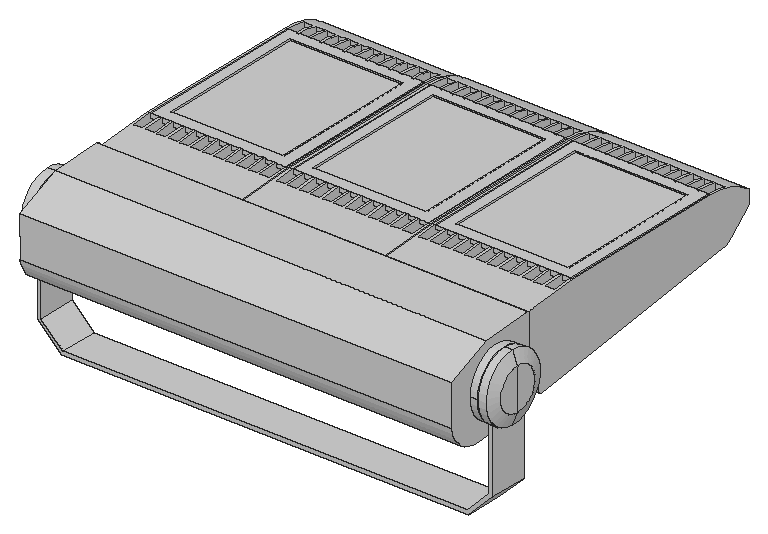
Revit family "0049122 Feilo Sylvania Lighting Fixture SYLVEO LED 20000LM WIDE 3K", category Lighting Fixtures, host Face, Revit 2017
Family settings
  Host = Face
  Round Connector Dimension = Use Diameter
  Part Type = Normal
  OmniClass Number = 23.80.70.00
  OmniClass Title = Lighting
  Cut with Voids When Loaded = No
  Light Source = No
  Shared = No
  Room Calculation Point = No
Parameters (values of type "0049122 SYLVEO LED 20000LM WIDE 3K")
  Weight = "11.5 kg"
  Wattage Comments = ""
  WarrantyStartDate [instance] = "n/a"
  WarrantyGuarantorParts = "n/a"
  WarrantyDurationUnit = "n/a"
  WarrantyDurationParts = "n/a"
  WarrantyDescription = "n/a"
  Voltage = 230 V
  URL = "http://www.sylvania-lighting.com"
  TypeName = "SYLVEO LED 20000LM WIDE 3K"
  TypeBody_FEILO = Sylveo Extra Large Body : 0049122 SYLVEO LED 20000LM WIDE 3K
  Type Image = <None>
  Type Comments = "n/a"
  TiltAngle_FEILO [instance] = 0.00°
  StartAngle_FEILO [instance] = EndAngle_FEILO + 180.00°  # 270.00°
  SerialNumber [instance] = "n/a"
  Material_3_FEILO = none
  PowerFactor = 0
  PowerConsumption = "201.3 W"
  NominalLength = 496 mm
  NominalHeight = 392 mm
  NominalDepth = 98 mm
  Name = "SYLVEO LED 20000LM WIDE 3K"
  ModelReference = Name  # "SYLVEO LED 20000LM WIDE 3K"
  ModelNumber = "0049122"
  Model = Name  # "SYLVEO LED 20000LM WIDE 3K"
  Material = "aluminium housing, glass diffuser"
  ManufacturerName = "Feilo Sylvania"
  Manufacturer = "Feilo Sylvania"
  LuminousEfficacy = "102.5 lm/W"
  LuminaireType = ""
  LightOutputRatio = "100"
  LampsType = Lamp  # "LED"
  LampNominalLuminous = "20633 lm"
  LampMacAdamStep = "6"
  LampColourTemperature = "3000 K"
  LampColourRenderingIndex = "70"
  Lamp = "LED"
  Keynote = "16500"
  InstallationDate [instance] = "n/a"
  InputVoltage = "100-240V~"
  InputNominalFrequency = "50 Hz"
  IngressProtection = "IP66"
  ImpactProtectionIndex = "IK08"
  IfcExportType = "IfcLightFixtureType"
  IfcExportAs = "IfcLightFixtureType"
  ExpectedLife = 50000
  EndAngle_FEILO [instance] = -TiltAngle_FEILO + 90.00°  # 90.00°
  ElectricShockClassification = "Class I"
  DurationUnit = "hours"
  DocumentationLiterature = "http://www.sylvania-lighting.com/product/en-int/products/0049122"
  DimmingControlOptions = "Non dimmable"
  Material_2_FEILO = none
  Description = "Exterior LED Floodlight, comes complete with a 1000mm cable and adjustable bracket, aluminium housing, clear glass diffuser, IP66, IK08, Class I, 3000K, Non-dimming, 20633lm, 201W, 103lm/W, 4800mA, CRI70, 52° beam angle, 50000hrs, (LxWxD) 98x496x392mm"
  Default Elevation = 1219.2 mm
  CreatedOn = "1/9/2018"
  CreatedBy = ""
  Cost = 0
  built-in parameter 1114216 [instance] = (empty or 0)
  ClassificationValue = "EF_70_80"
  ClassificationName = "Uniclass2015"
  Material_1_FEILO = Body-Sylvania-Sylveo
  BarCode [instance] = "n/a"
  AssetType = "Fixed"
  AssetIdentifier [instance] = "n/a"
  Assembly Code = "D5020200"
  Apparent Load = 201.3 VA
  Material_4_FEILO = none
Reference planes
  plane 1 "Center (Front/Back)": y = 0
  plane 2: z = 0
  plane 3 "Center (Left/Right)": x = 0
  plane 4: x = 248
  plane 5: x = -248
  plane 6: x = -243
  plane 7: x = 243
  plane 8: z = 121
  plane 9: z = 143
  plane 10: z = 99
  plane 11: z = 156
  plane 12: z = 86
  plane 13: x = -234
  plane 14: x = 234
  plane 15: z = 4
  plane 16: x = -238
  plane 17: x = 238
  plane 18: x = -213
  plane 19: x = 213
  plane 20: z = 25
  plane 21: y = 20
  plane 22: y = -20
Forms (mm)
  Revolve 1, solid, material "Body-Sylvania-Sylveo" <- "Material_1_FEILO"
    sketch origin (0, 0, 0) x (1, 0, 0) y (0, 0, 1)
      loop
        line (-234, 156) -> (-243, 156) -> (-248, 143) -> (-248, 121) -> (-234, 121) -> (-234, 156)
      loop
        line (234, 121) -> (248, 121) -> (248, 143) -> (243, 156) -> (234, 156) -> (234, 121)
      axis (-248, 121) -> (248, 121)
    angle from 360 to 0
  Extrusion 2, solid, material "Body-Sylvania-Sylveo" <- "Material_1_FEILO"
    sketch origin (0, 0, 0) x (1, 0, 0) y (0, 0, 1)
      loop
        line (213, 0) -> (238, 25) -> (238, 121) -> (234, 121) -> (234, 26.657) -> (211.343, 4) -> (-211.343, 4) -> (-234, 26.657) -> (-234, 121) -> (-238, 121) -> (-238, 25) -> (-213, 0) -> (213, 0)
    from -20 to 20
  Revolve 3, solid, not visible
    sketch origin (0, 0, 0) x (1, 0, 0) y (0, 0, 1)
      loop
        line (0, 143) -> (-50.437, 143) -> (-50.437, 121) -> (0, 121) -> (0, 143)
      axis (-50.437, 121) -> (0, 121)
    angle from 270 <- "StartAngle_FEILO" to 90 <- "EndAngle_FEILO"
Cuts and joins
  joined: Revolve 1, Extrusion 2
Dimensions and locks
  locked: plane 8 to plane 2 at 121
  equal spacing: plane 4, plane 3 "Center (Left/Right)", plane 5
  equal spacing: plane 7, plane 3 "Center (Left/Right)", plane 6
  locked: plane 6 to plane 5 at 5
  locked: plane 4 to plane 5 at 496
  equal spacing: plane 9, plane 8, plane 10
  locked: plane 9 to plane 10 at 44
  equal spacing: plane 11, plane 8, plane 12
  locked: plane 11 to plane 9 at 13
  equal spacing: plane 14, plane 3 "Center (Left/Right)", plane 13
  locked: plane 3 "Center (Left/Right)" to plane 13 at 234
  locked: plane 15 to plane 2 at 4
  equal spacing: plane 17, plane 3 "Center (Left/Right)", plane 16
  locked: plane 13 to plane 16 at 4
  locked: plane 20 to plane 2 at 25
  equal spacing: plane 19, plane 3 "Center (Left/Right)", plane 18
  locked: plane 18 to plane 16 at 25
  equal spacing: plane 22, plane 1 "Center (Front/Back)", plane 21
  locked: plane 22 to plane 21 at 40
  aligned and locked: plane 2 to host face
  aligned and locked: level to host face
  aligned and locked: plane 5 to Revolve 1 sketch curve  (x2)
  aligned and locked: Revolve 1 sketch curve to plane 13
  aligned and locked: plane 9 to Revolve 1 sketch curve  (x2)
  aligned and locked: plane 11 to Revolve 1 sketch curve
  aligned and locked: plane 6 to Revolve 1 sketch curve
  aligned and locked: plane 8 to Revolve 1 sketch curve  (x2)
  aligned and locked: plane 14 to Revolve 1 sketch curve
  aligned and locked: Revolve 1 sketch curve to plane 11
  aligned and locked: Revolve 1 sketch curve to plane 4
  aligned and locked: Revolve 1 sketch curve to Revolve 1 sketch curve  (x2)
  aligned and locked: plane 19 to Extrusion 2 sketch curve
  aligned and locked: level to Extrusion 2 sketch curve
  aligned and locked: plane 16 to Extrusion 2 sketch curve
  aligned and locked: plane 17 to Extrusion 2 sketch curve
  aligned and locked: Extrusion 2 sketch curve to plane 8
  aligned and locked: plane 8 to Extrusion 2 sketch curve
  aligned and locked: Extrusion 2 sketch curve to plane 14
  aligned and locked: Extrusion 2 sketch curve to plane 15
  aligned and locked: plane 13 to Extrusion 2 sketch curve
  aligned and locked: Extrusion 2 to plane 21
  aligned and locked: plane 22 to Extrusion 2
  aligned and locked: Revolve 3 sketch curve to plane 8  (x2)
  aligned and locked: plane 9 to Revolve 3 sketch curve
  aligned and locked: plane 3 "Center (Left/Right)" to Revolve 3 sketch curve
  aligned and locked: plane 3 "Center (Left/Right)" to nested 1
Automatic sketch dimensions
  host sketch curve to host sketch curve = 2438.4 mm  (x2)
  Revolve 1 sketch curve to plane 7 = 0 mm
  Revolve 1 sketch curve to plane 5 = 1276 mm
  plane 4 to Revolve 1 sketch curve = 1411.773 mm
  Extrusion 2 sketch curve to plane 18 = 0 mm
  Extrusion 2 sketch curve to plane 20 = 0 mm  (x2)
  plane 18 to Extrusion 2 sketch curve = 1.657 mm
  Extrusion 2 sketch curve to plane 19 = 1.657 mm
  Extrusion 2 sketch curve to plane 20 = 1.657 mm  (x2)
  Revolve 3 sketch curve to plane 3 "Center (Left/Right)" = 50.437 mm
  Revolve 3 sketch curve to plane 5 = 1276 mm
  plane 4 to Revolve 3 sketch curve = 1411.773 mm
Nested families
  nested 1: "Sylveo Extra Large Body" at (0, 0, 121), type <- "TypeBody_FEILO", type "0049122 SYLVEO LED 20000LM WIDE 3K"
    with WarrantyStartDate "n/a", SerialNumber "n/a", InstallationDate "n/a", built-in parameter 1114216 (empty or 0), BarCode "n/a", AssetIdentifier "n/a"
Connectors
  electrical at (0, 0, 0), driven by "Apparent Load", driven by "PowerFactor", driven by "Voltage"
    settings: index 1, voltage 230 V, apparent load 201.3 VA, apparent load phase1 0 VA, apparent load phase2 0 VA, apparent load phase3 0 VA, power factor 0, load classification "Lighting", number of poles 1, system type 30, power factor state 1, is connector primary yes, connector utility no, sub classification motor no, connector description ""
Definition of nested family "Sylveo Extra Large Body"
  Parameters (values of type "0049147 SYLVEO LED 20000LM RASYM 4K DALI ")
    Weight = "11.516 kg"
    Wattage Comments = ""
    Wattage = 202 W
    WarrantyStartDate [instance] = "n/a"
    WarrantyGuarantorParts = "n/a"
    WarrantyDurationUnit = "n/a"
    WarrantyDurationParts = "n/a"
    WarrantyDescription = "n/a"
    built-in parameter 1150110 = 1 (stored number, unit not read)
    Voltage = 230 V
    URL = "http://www.feilosylvania.com"
    TypeName = "SYLVEO LED 20000LM RASYM 4K DALI"
    Type Image = (empty or 0)
    Type Comments = "n/a"
    built-in parameter 1114217 = 1 (stored number, unit not read)
    Tilt Angle = -90.00°
    built-in parameter 1150109 = 1 (stored number, unit not read)
    built-in parameter 1150134 = 12
    built-in parameter 1150113 = 1 (stored number, unit not read)
    SerialNumber [instance] = "n/a"
    Photometric Web File = "0049147.ies"
    Material_3_FEILO = none
    PowerFactor = 0.95
    PowerConsumption = "202 W"
    NominalLength = 98 mm
    NominalHeight = 392 mm
    NominalDepth = 496 mm
    Name = "SYLVEO LED 20000LM RASYM 4K DALI"
    ModelReference = Name  # "SYLVEO LED 20000LM RASYM 4K DALI"
    ModelNumber = "0049147"
    Model = Name  # "SYLVEO LED 20000LM RASYM 4K DALI"
    Material = "aluminum housing, glass diffuser"
    ManufacturerName = "Feilo Sylvania"
    Manufacturer = "Feilo Sylvania"
    LuminousEfficacy = "106.6 lm/W"
    built-in parameter 1150105 = 11127.1 (stored number, unit not read)
    Lumens = 21533.2 lm
    LuminaireType = ""
    built-in parameter 1150115 = 1 (stored number, unit not read)
    LightOutputRatio = "1"
    built-in parameter 1150137 = (empty or 0)
    built-in parameter 1150139 = (empty or 0)
    LampsType = Lamp  # "LED"
    LampNominalLuminous = "21542 lm"
    LampMacAdamStep = "6"
    LampColourTemperature = "4000 K"
    LampColourRenderingIndex = "70"
    built-in parameter 1150112 = 1 (stored number, unit not read)
    built-in parameter 1150114 = 1 (stored number, unit not read)
    Lamp = "LED"
    Keynote = "16500"
    InstallationDate [instance] = "n/a"
    InputVoltage = "100-240V~"
    InputNominalFrequency = "50/60 Hz"
    built-in parameter 1150132 = (empty or 0)
    built-in parameter 1150102 = (empty or 0)
    built-in parameter 1150107 = 4000 (stored number, unit not read)
    built-in parameter 1150138 = (empty or 0)
    IngressProtection = "IP66"
    ImpactProtectionIndex = "IK08"
    built-in parameter 1150106 = 111.27 (stored number, unit not read)
    IfcExportType = "IfcLightFixtureType"
    IfcExportAs = "IfcLightFixtureType"
    ExpectedLife = 50000
    Emit from Rectangle Width = 156 mm
    Emit from Rectangle Length = 415.5 mm
    Emit Shape Visible in Rendering = no
    ElectricShockClassification = "Class I"
    built-in parameter 1150104 = 9.9035 (stored number, unit not read)
    DurationUnit = "hours"
    DocumentationLiterature = "http://www.feilosylvania.com/product/en-int/products/0049147"
    DimmingControlOptions = "Dimmable"
    Material_2_FEILO = none
    Dimming Lamp Color Temperature Shift = (empty or 0)
    Description = "Exterior LED floodlight, comes complete with a 1000mm cable and adjustable bracket, aluminium housing, clear glass diffuser, 21542lm, 201W, 107lm/W, 4000K, 5002mA, CRI70, 52°x117° beam angle, DALI dimmable, IP66, IK08, Class I, 50000hrs, (LxWxD) 98x496x392mm"
    Default Elevation = 1219.2 mm
    CreatedOn = "1/9/2018"
    CreatedBy = "aron.fodor@feilosylvania.com"
    Cost = 0
    Color Filter = 16777215
    built-in parameter 1114216 [instance] = (empty or 0)
    ClassificationValue = "EF_70_80"
    ClassificationName = "Uniclass2015"
    Material_1_FEILO = none
    BarCode [instance] = "n/a"
    built-in parameter 1114218 = 1 (stored number, unit not read)
    built-in parameter 1150133 = 10 (stored number, unit not read)
    AssetType = "Fixed"
    AssetIdentifier [instance] = "n/a"
    Assembly Code = "D5020200"
    Apparent Load = 202 VA
    Material_4_FEILO = none
  Types (9, lengths in mm): name | Weight | Wattage | TypeName | built-in parameter 1150134 | Photometric Web File | PowerFactor | PowerConsumption | NominalLength | NominalDepth | Name | ModelReference | ModelNumber | Model | Material | LuminousEfficacy | built-in parameter 1150105 | Lumens | LightOutputRatio | LampNominalLuminous | LampColourTemperature | InputNominalFrequency | built-in parameter 1150107 | built-in parameter 1150106 | built-in parameter 1150104 | DocumentationLiterature | DimmingControlOptions | Description | Apparent Load
    0049147 SYLVEO LED 20000LM RASYM 4K DALI | "11.516 kg" | 202 W | "SYLVEO LED 20000LM RASYM 4K DALI" | 12 | "0049147.ies" | 0.95 | "202 W" | 98 | 496 | "SYLVEO LED 20000LM RASYM 4K DALI" | "SYLVEO LED 20000LM RASYM 4K DALI" | "0049147" | "SYLVEO LED 20000LM RASYM 4K DALI" | "aluminum housing, glass diffuser" | "106.6 lm/W" | 11127.1 (stored number, unit not read) | 21533.2 lm | "1" | "21542 lm" | "4000 K" | "50/60 Hz" | 4000 (stored number, unit not read) | 111.27 (stored number, unit not read) | 9.9035 (stored number, unit not read) | "http://www.feilosylvania.com/product/en-int/products/0049147" | "Dimmable" | "Exterior LED floodlight, comes complete with a 1000mm cable and adjustable bracket, aluminium housing, clear glass diffuser, 21542lm, 201W, 107lm/W, 4000K, 5002mA, CRI70, 52°x117° beam angle, DALI dimmable, IP66, IK08, Class I, 50000hrs, (LxWxD) 98x496x392mm" | 202 VA
    0049146 SYLVEO LED 20000LM WIDE 4K DALI | "11.516 kg" | 200 W | "SYLVEO LED 20000LM WIDE 4K DALI" | 12 | "0049146.ies" | 0.95 | "200 W" | 98 | 496 | "SYLVEO LED 20000LM WIDE 4K DALI" | "SYLVEO LED 20000LM WIDE 4K DALI" | "0049146" | "SYLVEO LED 20000LM WIDE 4K DALI" | "aluminum housing, glass diffuser" | "106.4 lm/W" | 25856.7 (stored number, unit not read) | 21280 lm | "1" | "21281 lm" | "4000 K" | "50/60 Hz" | 4000 (stored number, unit not read) | 258.57 (stored number, unit not read) | 9.8849 (stored number, unit not read) | "http://www.feilosylvania.com/product/en-int/products/0049146" | "Dimmable" | "Exterior LED floodlight, comes complete with a 1000mm cable and adjustable bracket, aluminium housing, clear glass diffuser, 21281lm, 200W, 106lm/W, 4000K, 5002mA, CRI70, 52° beam angle, DALI dimmable, IP66, IK08, Class I, 50000hrs, (LxWxD) 98x496x392mm" | 200 VA
    0049145 SYLVEO LED 20000LM NAR 4K DALI | "11.516 kg" | 201 W | "SYLVEO LED 20000LM NAR 4K DALI" | 12 | "0049145.ies" | 0.95 | "201 W" | 98 | 496 | "SYLVEO LED 20000LM NAR 4K DALI" | "SYLVEO LED 20000LM NAR 4K DALI" | "0049145" | "SYLVEO LED 20000LM NAR 4K DALI" | "aluminum housing, glass diffuser" | "107.5 lm/W" | 50417.9 (stored number, unit not read) | 21607.5 lm | "1" | "21605 lm" | "4000 K" | "50/60 Hz" | 4000 (stored number, unit not read) | 504.18 (stored number, unit not read) | 9.9871 (stored number, unit not read) | "http://www.feilosylvania.com/product/en-int/products/0049145" | "Dimmable" | "Exterior LED floodlight, comes complete with a 1000mm cable and adjustable bracket, aluminium housing, clear glass diffuser, 21605lm, 201W, 108lm/W, 4000K, 5002mA, CRI70, 30° beam angle, DALI dimmable, IP66, IK08, Class I, 50000hrs, (LxWxD) 98x496x392mm" | 201 VA
    0049123 SYLVEO LED 20000LM RASYM 3K | "11.516 kg" | 201.3 W | "SYLVEO LED 20000LM RASYM 3K" | (empty or 0) | "0049123.ies" | 0 | "201.3 W" | 496 | 98 | "SYLVEO LED 20000LM RASYM 3K" | "SYLVEO LED 20000LM RASYM 3K" | "0049123" | "SYLVEO LED 20000LM RASYM 3K" | "aluminium housing, glass diffuser" | "102.5 lm/W" | 10660.6 (stored number, unit not read) | 20633.3 lm | "100" | "20639 lm" | "3000 K" | "50 Hz" | 3000 (stored number, unit not read) | 106.61 (stored number, unit not read) | 9.5226 (stored number, unit not read) | "http://www.feilosylvania.com/product/en-int/products/0049123" | "Non dimmable" | "Exterior LED Floodlight, comes complete with a 1000mm cable and adjustable bracket, aluminium housing, clear glass diffuser, IP66, IK08, Class I, 3000K, Non-dimming, 20639lm, 201W, 103lm/W, 4800mA, CRI70, 52°x117° beam angle, 50000hrs, (LxWxD) 98x496x392mm, Asmmetric" | 201.3 VA
    0049122 SYLVEO LED 20000LM WIDE 3K | "11.5 kg" | 201.3 W | "SYLVEO LED 20000LM WIDE 3K" | (empty or 0) | "0049122.ies" | 0 | "201.3 W" | 496 | 98 | "SYLVEO LED 20000LM WIDE 3K" | "SYLVEO LED 20000LM WIDE 3K" | "0049122" | "SYLVEO LED 20000LM WIDE 3K" | "aluminium housing, glass diffuser" | "102.5 lm/W" | 25192 (stored number, unit not read) | 20633.3 lm | "100" | "20633 lm" | "3000 K" | "50 Hz" | 3000 (stored number, unit not read) | 251.92 (stored number, unit not read) | 9.5226 (stored number, unit not read) | "http://www.feilosylvania.com/product/en-int/products/0049122" | "Non dimmable" | "Exterior LED Floodlight, comes complete with a 1000mm cable and adjustable bracket, aluminium housing, clear glass diffuser, IP66, IK08, Class I, 3000K, Non-dimming, 20633lm, 201W, 103lm/W, 4800mA, CRI70, 52° beam angle, 50000hrs, (LxWxD) 98x496x392mm" | 201.3 VA
    0049121 SYLVEO LED 20000LM NAR 3K | "11.552 kg" | 200.6 W | "SYLVEO LED 20000LM NAR 3K" | (empty or 0) | "0049121.ies" | 0 | "200.6 W" | 496 | 98 | "SYLVEO LED 20000LM NAR 3K" | "SYLVEO LED 20000LM NAR 3K" | "0049121" | "SYLVEO LED 20000LM NAR 3K" | "aluminium housing, glass diffuser" | "103.9 lm/W" | 50639 (stored number, unit not read) | 20842.3 lm | "100" | "20834 lm" | "3000 K" | "50 Hz" | 3000 (stored number, unit not read) | 506.39 (stored number, unit not read) | 9.6526 (stored number, unit not read) | "http://www.feilosylvania.com/product/en-int/products/0049121" | "Non dimmable" | "Exterior LED Floodlight, comes complete with a 1000mm cable and adjustable bracket, aluminium housing, clear glass diffuser, IP66, IK08, Class I, 3000K, Non-dimming, 20834lm, 201W, 104lm/W, 4800mA, CRI70, 30° beam angle, 50000hrs, (LxWxD) 98x496x392mm" | 200.6 VA
    0049120 SYLVEO LED 20000LM RASYM 4K | "11.318 kg" | 200.6 W | "SYLVEO LED 20000LM RASYM 4K" | 12 | "0049120.ies" | 0 | "200.6 W" | 496 | 98 | "SYLVEO LED 20000LM RASYM 4K" | "SYLVEO LED 20000LM RASYM 4K" | "0049120" | "SYLVEO LED 20000LM RASYM 4K" | "aluminium housing, glass diffuser" | "107.4 lm/W" | 11131.4 (stored number, unit not read) | 21544.4 lm | "100" | "21546 lm" | "4000 K" | "50 Hz" | 4000 (stored number, unit not read) | 111.31 (stored number, unit not read) | 9.9778 (stored number, unit not read) | "http://www.feilosylvania.com/product/en-int/products/0049120" | "Non dimmable" | "Exterior LED Floodlight, comes complete with a 1000mm cable and adjustable bracket, aluminium housing, clear glass diffuser, IP66, IK08, Class I, 4000K, Non-dimming, 21546lm, 201W, 107lm/W, 4800mA, CRI70, 52°x117° beam angle, 50000hrs, (LxWxD) 98x496x392mm" | 200.6 VA
    0049119 SYLVEO LED 20000LM WIDE 4K | "11.472 kg" | 200.5 W | "SYLVEO LED 20000LM WIDE 4K" | 12 | "0049119.ies" | 0 | "200.5 W" | 496 | 98 | "SYLVEO LED 20000LM WIDE 4K" | "SYLVEO LED 20000LM WIDE 4K" | "0049119" | "SYLVEO LED 20000LM WIDE 4K" | "aluminium housing, glass diffuser" | "107.3 lm/W" | 27146.8 (stored number, unit not read) | 21513.6 lm | "100" | "21514 lm" | "4000 K" | "50 Hz" | 4000 (stored number, unit not read) | 271.47 (stored number, unit not read) | 9.9685 (stored number, unit not read) | "http://www.feilosylvania.com/product/en-int/products/0049119" | "Non dimmable" | "Exterior LED Floodlight, comes complete with a 1000mm cable and adjustable bracket, aluminium housing, clear glass diffuser, IP66, IK08, Class I, 4000K, Non-dimming, 21514lm, 201W, 107lm/W, 4800mA, CRI70, 52° beam angle, 50000hrs, (LxWxD) 98x496x392mm" | 200.5 VA
    0049118 SYLVEO LED 20000LM NAR 4K | "11.496 kg" | 201.2 W | "SYLVEO LED 20000LM NAR 4K" | 12 | "0049118.ies" | 0 | "201.2 W" | 496 | 98 | "SYLVEO LED 20000LM NAR 4K" | "SYLVEO LED 20000LM NAR 4K" | "0049118" | "SYLVEO LED 20000LM NAR 4K" | "aluminium housing, glass diffuser" | "107.4 lm/W" | 52850.4 (stored number, unit not read) | 21608.9 lm | "100" | "21609 lm" | "4000 K" | "50 Hz" | 4000 (stored number, unit not read) | 528.5 (stored number, unit not read) | 9.9778 (stored number, unit not read) | "http://www.feilosylvania.com/product/en-int/products/0049118" | "Non dimmable" | "Exterior LED Floodlight, comes complete with a 1000mm cable and adjustable bracket, aluminium housing, clear glass diffuser, IP66, IK08, Class I, 4000K, Non-dimming, 21609lm, 201W, 107lm/W, 4000K, 4800mA, CRI70, 30° beam angle, 50000hrs, (LxWxD) 98x496x392mm" | 201.2 VA
  Reference planes
    plane 1 "Center (Front/Back)": y = 0
    plane 2: z = 0
    plane 3 "Center (Left/Right)": x = 0
    plane 4: x = 248
    plane 5: x = -248
    plane 6: x = 225.5
    plane 7: x = -225.5
    plane 8: y = 35
    plane 9: x = -234
    plane 10: x = 234
    plane 11: y = 43
    plane 12: y = -12
    plane 13: y = -58
    plane 14: z = 46
    plane 15: z = 43
    plane 16: z = 23
    plane 17: z = -20
    plane 18: y = -23
    plane 19: z = -40
    plane 20: z = -47
    plane 21: x = -149
    plane 22: x = 149
  Forms (mm)
    Extrusion 1, solid
      sketch origin (4.2, 0, 0) x (1, 0, 0) y (0, 1, 0)
        loop
          line (-1219.2, 1219.2) -> (-1219.2, -1219.2) -> (1219.2, -1219.2) -> (1219.2, 1219.2) -> (-1219.2, 1219.2)
      from 0 to -68.017
    Extrusion 2, solid, material <- "Material_1_FEILO"
      sketch origin (0, 0, 0) x (0, 1, 0) y (0, 0, 1)
        loop
          line (41.418, 45.914) -> (-12, 43)
          arc (-12, 43) -> (-35.432, 33.994) -> (-58, 23) r 290.694
          line (-58, 23) -> (-58, -20)
          arc (-58, -20) -> (-45.914, -40.518) -> (-23, -47) r 31.99
          line (-23, -47) -> (40.738, -40.24)
          arc (40.738, -40.24) -> (42.351, -39.416) -> (43, -37.725) r 2.529
          line (43, -37.725) -> (43, 44.416)
          arc (43, 44.416) -> (42.531, 45.505) -> (41.418, 45.914) r 1.5
      from -225.5 to 225.5
    Revolve 3, solid, material <- "Material_1_FEILO"
      sketch origin (0, 0, 0) x (1, 0, 0) y (0, 1, 0)
        loop
          line (-234, 35) -> (-234, 0) -> (-225.5, 0) -> (-225.5, 35) -> (-234, 35)
        loop
          line (234, 0) -> (234, 35) -> (225.5, 35) -> (225.5, 0) -> (234, 0)
        axis (234, 0) -> (-234, 0)
      angle from 360 to 0
  Cuts and joins
    joined: Extrusion 2, Revolve 3
  Dimensions and locks
    equal spacing: plane 5, plane 3 "Center (Left/Right)", plane 4
    locked: plane 5 to plane 4 at 496
    equal spacing: plane 7, plane 3 "Center (Left/Right)", plane 6
    locked: plane 5 to plane 7 at 22.5
    plane 1 "Center (Front/Back)" to plane 8 = 35 mm
    equal spacing: plane 9, plane 3 "Center (Left/Right)", plane 10
    locked: plane 9 to plane 10 at 468
    plane 13 to plane 18 to plane 12 to plane 1 "Center (Front/Back)" to plane 8 to plane 11 = 35 mm locked, 11 mm locked, 12 mm locked, 35 mm locked, 8 mm locked
    plane 14 to plane 15 to plane 16 to plane 2 to plane 17 to plane 19 = 3 mm locked, 20 mm locked, 23 mm locked, 20 mm locked, 20 mm locked
    locked: plane 20 to plane 19 at 7
    equal spacing: plane 21, plane 3 "Center (Left/Right)", plane 22
    locked: plane 21 to plane 3 "Center (Left/Right)" at 149
    aligned and locked: plane 2 to Extrusion 1
    aligned and locked: level to Extrusion 1
    aligned and locked: Extrusion 2 sketch curve to plane 11
    aligned and locked: plane 13 to Extrusion 2 sketch curve
    aligned and locked: plane 6 to Extrusion 2
    aligned and locked: Extrusion 2 to plane 7
    aligned and locked: plane 8 to Revolve 3 sketch curve  (x2)
    aligned and locked: plane 9 to Revolve 3 sketch curve
    aligned and locked: Revolve 3 sketch curve to plane 1 "Center (Front/Back)"  (x3)
    aligned and locked: Revolve 3 sketch curve to plane 7
    aligned and locked: Revolve 3 sketch curve to plane 10
    aligned and locked: plane 6 to Revolve 3 sketch curve
    aligned and locked: plane 2 to nested 1
    aligned and locked: plane 3 "Center (Left/Right)" to nested 1
    aligned and locked: plane 21 to nested 3
    aligned and locked: plane 22 to nested 2
    aligned and locked: plane 2 to nested 2
    aligned and locked: plane 2 to nested 3
    aligned and locked: imposter light to nested 2
    aligned and locked: imposter light to nested 1
    aligned and locked: imposter light to plane 3 "Center (Left/Right)"
  Automatic sketch dimensions
    Extrusion 1 sketch curve to Extrusion 1 sketch curve = 2438.4 mm  (x2)
    Extrusion 2 sketch curve to plane 18 = 0 mm
    Extrusion 2 sketch curve to plane 12 = 0 mm
    plane 20 to Extrusion 2 sketch curve = 0 mm
    plane 17 to Extrusion 2 sketch curve = 0 mm
    plane 16 to Extrusion 2 sketch curve = 0 mm
    plane 15 to Extrusion 2 sketch curve = 0 mm
    plane 18 to Extrusion 2 sketch curve = 3.374 mm
    Extrusion 2 sketch curve to Extrusion 2 sketch curve = 2.529 mm
    plane 19 to Extrusion 2 sketch curve = 0.24 mm
    plane 11 to Extrusion 2 sketch curve = 2.262 mm
    plane 14 to Extrusion 2 sketch curve = 0.086 mm
    plane 11 to Extrusion 2 sketch curve = 1.582 mm
    Extrusion 2 sketch curve to plane 15 = 1.416 mm
    Extrusion 2 sketch curve to plane 11 = 37.475 mm
    Revolve 3 sketch curve to plane 5 = 1276 mm
    plane 4 to Revolve 3 sketch curve = 1276 mm
  Nested families
    nested 1: "Sylveo Extra Large Screen Module" at (0, 43, 48) x (1, 0, 0) z (0, 1, 0), type "Type Name"
    nested 2: "Sylveo Extra Large Screen Module" at (149, 43, 48) x (1, 0, 0) z (0, 1, 0), type "Type Name"
    nested 3: "Sylveo Extra Large Screen Module" at (-149, 43, 48) x (1, 0, 0) z (0, 1, 0), type "Type Name"
  Definition of nested family "Sylveo Extra Large Screen Module"
    Parameters (values of type "Type Name")
      URL = "http://www.feilosylvania.com"
      Type Image = (empty or 0)
      Type Comments = "n/a"
      Material_3_FEILO = none
      Model = ""
      Manufacturer = "Feilo Sylvania"
      Keynote = ""
      Material_2_FEILO = none
      Description = ""
      Default Elevation = 1219.2 mm
      Cost = 0
      Material_1_FEILO = none
      Assembly Code = ""
      Material_4_FEILO = none
    Reference planes
      plane 1 "Center (Front/Back)": y = 0
      plane 2: z = 0
      plane 3 "Center (Left/Right)": x = 0
      plane 4: x = 73.5
      plane 5: x = -73.5
      plane 6: z = 290
      plane 7: z = 262.5
      plane 8: z = 241.5
      plane 9: z = 229.5
      plane 10: x = -71
      plane 11: x = 71
      plane 12: x = -59
      plane 13: x = 59
      plane 14: z = 61.5
      plane 15: z = 73.5
      plane 16: y = 16
      plane 17: y = 31
      plane 18: y = 56
      plane 19: y = 88
      plane 20: z = 16
      plane 21: z = 6
      plane 22: y = 4
      plane 23: x = -61.5
      plane 24: x = -49.5
      plane 25: x = -47
      plane 26: x = -37.5
      plane 27: x = -35
      plane 28: x = -25.5
      plane 29: x = -23
      plane 30: x = -13.5
      plane 31: x = -11
      plane 32: x = -1.5
      plane 33: x = 1
      plane 34: x = 10.5
      plane 35: x = 13
      plane 36: x = 22.5
      plane 37: x = 25
      plane 38: x = 34.5
      plane 39: x = 37
      plane 40: x = 46.5
      plane 41: x = 49
      plane 42: x = 58.5
      plane 43: x = 61
      plane 44: z = 40.5
      plane 45: y = 92
      plane 46: y = 48
      plane 47: z = 30.5
      plane 48: y = 1
      plane 49: z = 151.5
    Forms (mm)
      Extrusion 1, solid
        sketch origin (4.2, 0, 0) x (1, 0, 0) y (0, 1, 0)
          loop
            line (-1219.2, 1219.2) -> (-1219.2, -1219.2) -> (1219.2, -1219.2) -> (1219.2, 1219.2) -> (-1219.2, 1219.2)
        from 0 to -68.017
      Extrusion 2, solid, material <- "Material_1_FEILO", detail levels medium+fine
        sketch origin (0, 0, 0) x (0, 1, 0) y (0, 0, 1)
          loop
            line (0, 241.5) -> (0, 61.5) -> (4, 0) -> (88, 0) -> (88, 5)
            arc (88, 5) -> (87.707, 5.707) -> (87, 6) r 1
            line (87, 6) -> (58, 6)
            arc (58, 6) -> (56.586, 6.586) -> (56, 8) r 2
            line (56, 8) -> (56, 14)
            arc (56, 14) -> (56.586, 15.414) -> (58, 16) r 2
            line (58, 16) -> (82.836, 16)
            arc (82.836, 16) -> (86.711, 17.379) -> (88.136, 21.237) r 4.853
            arc (88.136, 21.237) -> (75.429, 138.984) -> (57.18, 256.001) r 2509.59
            arc (57.18, 256.001) -> (55.179, 262.077) -> (51.577, 267.365) r 22.945
            line (51.577, 267.365) -> (31, 290) -> (16, 290)
            arc (16, 290) -> (4.103, 267.036) -> (0, 241.5) r 81.508
        from -73.5 to 73.5
      Extrusion 3, void
        sketch origin (0, 0, 0) x (1, 0, 0) y (0, 0, 1)
          loop
            line (-71, 262.5) -> (-71, 40.5) -> (-61.5, 40.5) -> (-61.5, 262.5) -> (-71, 262.5)
          loop
            line (-59, 262.5) -> (-59, 40.5) -> (-49.5, 40.5) -> (-49.5, 262.5) -> (-59, 262.5)
          loop
            line (-47, 262.5) -> (-47, 40.5) -> (-37.5, 40.5) -> (-37.5, 262.5) -> (-47, 262.5)
          loop
            line (-35, 262.5) -> (-35, 40.5) -> (-25.5, 40.5) -> (-25.5, 262.5) -> (-35, 262.5)
          loop
            line (-23, 262.5) -> (-23, 40.5) -> (-13.5, 40.5) -> (-13.5, 262.5) -> (-23, 262.5)
          loop
            line (-11, 262.5) -> (-11, 40.5) -> (-1.5, 40.5) -> (-1.5, 262.5) -> (-11, 262.5)
          loop
            line (1, 262.5) -> (1, 40.5) -> (10.5, 40.5) -> (10.5, 262.5) -> (1, 262.5)
          loop
            line (13, 262.5) -> (13, 40.5) -> (22.5, 40.5) -> (22.5, 262.5) -> (13, 262.5)
          loop
            line (25, 262.5) -> (25, 40.5) -> (34.5, 40.5) -> (34.5, 262.5) -> (25, 262.5)
          loop
            line (37, 262.5) -> (37, 40.5) -> (46.5, 40.5) -> (46.5, 262.5) -> (37, 262.5)
          loop
            line (49, 262.5) -> (49, 40.5) -> (58.5, 40.5) -> (58.5, 262.5) -> (49, 262.5)
          loop
            line (61, 262.5) -> (61, 40.5) -> (71, 40.5) -> (71, 262.5) -> (61, 262.5)
        from -88 to 0
      Extrusion 4, void
        sketch origin (0, 0, 0) x (0, 1, 0) y (0, 0, 1)
          loop
            line (83.385, 40.5) -> (48, 40.5) -> (48, 6) -> (92, 6) -> (92, 43.121) -> (85.747, 43.121)
            arc (85.747, 43.121) -> (85.149, 41.285) -> (83.385, 40.5) r 2.374
        from -71 to 71
      Extrusion 5, solid, material <- "Material_1_FEILO", detail levels coarse
        sketch origin (0, 0, 0) x (0, 1, 0) y (0, 0, 1)
          loop
            line (51.577, 267.365) -> (31, 290) -> (16, 290)
            arc (16, 290) -> (4.103, 267.036) -> (0, 241.5) r 81.508
            line (0, 241.5) -> (0, 61.5) -> (4, 0) -> (88, 0) -> (88, 5)
            arc (88, 5) -> (87.707, 5.707) -> (87, 6) r 1
            line (87, 6) -> (58, 6)
            arc (58, 6) -> (56.586, 6.586) -> (56, 8) r 2
            line (56, 8) -> (56, 14)
            arc (56, 14) -> (56.586, 15.414) -> (58, 16) r 2
            line (58, 16) -> (82.836, 16)
            arc (82.836, 16) -> (86.711, 17.379) -> (88.136, 21.237) r 4.853
            arc (88.136, 21.237) -> (75.429, 138.984) -> (57.18, 256.001) r 2509.59
            arc (57.18, 256.001) -> (55.179, 262.077) -> (51.577, 267.365) r 22.945
        from -73.5 to 73.5
      Extrusion 6, void
        sketch origin (0, 0, 0) x (1, 0, 0) y (0, 0, 1)
          loop
            line (-71, 241.5) -> (-71, 61.5) -> (71, 61.5) -> (71, 241.5) -> (-71, 241.5)
        from 0 to -4
      Extrusion 7, solid, material <- "Material_1_FEILO"
        sketch origin (0, 0, 0) x (1, 0, 0) y (0, 0, 1)
          loop
            line (-71, 241.5) -> (-71, 61.5) -> (71, 61.5) -> (71, 241.5) -> (-71, 241.5)
          loop
            line (-59, 229.5) -> (-59, 73.5) -> (58.5, 73.5) -> (58.5, 229.5) -> (-59, 229.5)
        from -4 to 0
      Extrusion 8, solid, material <- "Material_2_FEILO"
        sketch origin (0, 0, 0) x (1, 0, 0) y (0, 0, 1)
          loop
            line (-59, 229.5) -> (-59, 73.5) -> (58.5, 73.5) -> (58.5, 229.5) -> (-59, 229.5)
        from -1 to -4
    Cuts and joins
      Extrusion 3, Extrusion 4, Extrusion 6 cuts Extrusion 2
      Extrusion 4, Extrusion 6 cuts Extrusion 5
    Dimensions and locks
      plane 1 "Center (Front/Back)" to plane 16 to plane 17 to plane 18 to plane 19 = 16 mm locked, 15 mm locked, 25 mm locked, 32 mm locked
      plane 7 to plane 8 to plane 9 to plane 15 to plane 14 to plane 20 to plane 21 to plane 2 = 21 mm locked, 12 mm locked, 156 mm locked, 12 mm locked, 45.5 mm locked, 10 mm locked, 6 mm locked
      locked: plane 1 "Center (Front/Back)" to plane 22 at 4
      equal spacing: plane 4, plane 3 "Center (Left/Right)", plane 5
      locked: plane 4 to plane 5 at 147
      plane 11 to plane 43 to plane 42 to plane 41 to plane 40 to plane 39 to plane 38 to plane 37 to plane 36 to plane 35 to plane 34 to plane 33 to plane 32 to plane 31 to plane 30 to plane 29 to plane 28 to plane 27 to plane 26 to plane 25 to plane 24 to plane 12 to plane 23 to plane 10 to plane 5 = 10 mm locked, 2.5 mm locked, 9.5 mm locked, 2.5 mm locked, 9.5 mm locked, 2.5 mm locked, 9.5 mm locked, 2.5 mm locked, 9.5 mm locked, 2.5 mm locked, 9.5 mm locked, 2.5 mm locked, 9.5 mm locked, 2.5 mm locked, 9.5 mm locked, 2.5 mm locked, 9.5 mm locked, 2.5 mm locked, 9.5 mm locked, 2.5 mm locked, 9.5 mm locked, 2.5 mm locked, 9.5 mm locked, 2.5 mm locked
      plane 6 to plane 2 = 290 mm
      plane 6 to plane 7 = 27.5 mm
      plane 7 to plane 8 = 21 mm
      plane 8 to plane 9 = 12 mm
      plane 8 to plane 14 = 180 mm
      plane 15 to plane 14 = 12 mm
      locked: plane 14 to plane 44 at 21
      locked: plane 19 to plane 45 at 4
      locked: plane 46 to plane 18 at 8
      locked: plane 20 to plane 47 at 14.5
      locked: plane 1 "Center (Front/Back)" to plane 48 at 1
      equal spacing: plane 9, plane 49, plane 15
      aligned and locked: plane 2 to Extrusion 1
      aligned and locked: level to Extrusion 1
      aligned and locked: plane 1 "Center (Front/Back)" to Extrusion 2 sketch curve  (x2)
      aligned and locked: plane 16 to Extrusion 2 sketch curve
      aligned and locked: plane 6 to Extrusion 2 sketch curve  (x2)
      aligned and locked: plane 17 to Extrusion 2 sketch curve
      aligned and locked: plane 20 to Extrusion 2 sketch curve
      aligned and locked: Extrusion 2 sketch curve to plane 18
      aligned and locked: Extrusion 2 sketch curve to plane 21
      aligned and locked: Extrusion 2 sketch curve to plane 19
      aligned and locked: Extrusion 2 sketch curve to plane 2
      aligned and locked: plane 22 to Extrusion 2 sketch curve
      aligned and locked: plane 14 to Extrusion 2 sketch curve
      aligned and locked: Extrusion 2 to plane 5
      aligned and locked: plane 7 to Extrusion 3 sketch curve  (x12)
      aligned and locked: plane 10 to Extrusion 3 sketch curve
      aligned and locked: Extrusion 3 sketch curve to plane 44  (x12)
      aligned and locked: Extrusion 3 sketch curve to plane 23
      aligned and locked: plane 12 to Extrusion 3 sketch curve
      aligned and locked: Extrusion 3 sketch curve to plane 24
      aligned and locked: plane 25 to Extrusion 3 sketch curve
      aligned and locked: Extrusion 3 sketch curve to plane 26
      aligned and locked: plane 27 to Extrusion 3 sketch curve
      aligned and locked: Extrusion 3 sketch curve to plane 28
      aligned and locked: plane 29 to Extrusion 3 sketch curve
      aligned and locked: Extrusion 3 sketch curve to plane 30
      aligned and locked: plane 31 to Extrusion 3 sketch curve
      aligned and locked: Extrusion 3 sketch curve to plane 32
      aligned and locked: Extrusion 3 sketch curve to plane 34
      aligned and locked: plane 33 to Extrusion 3 sketch curve
      aligned and locked: plane 35 to Extrusion 3 sketch curve
      aligned and locked: Extrusion 3 sketch curve to plane 36
      aligned and locked: plane 37 to Extrusion 3 sketch curve
      aligned and locked: Extrusion 3 sketch curve to plane 38
      aligned and locked: plane 39 to Extrusion 3 sketch curve
      aligned and locked: Extrusion 3 sketch curve to plane 40
      aligned and locked: plane 41 to Extrusion 3 sketch curve
      aligned and locked: Extrusion 3 sketch curve to plane 42
      aligned and locked: plane 43 to Extrusion 3 sketch curve
      aligned and locked: Extrusion 3 sketch curve to plane 11
      aligned and locked: Extrusion 3 to plane 19
      aligned and locked: plane 1 "Center (Front/Back)" to Extrusion 3
      aligned and locked: Extrusion 4 sketch curve to plane 44
      aligned and locked: plane 21 to Extrusion 4 sketch curve
      aligned and locked: Extrusion 4 sketch curve to plane 45
      aligned and locked: Extrusion 4 to plane 10
      aligned and locked: plane 11 to Extrusion 4
      aligned and locked: plane 46 to Extrusion 4 sketch curve
      aligned and locked: Extrusion 5 sketch curve to cut or joined group of Extrusion 2, Extrusion 3, Extrusion 4, Extrusion 6  (x9)
      aligned and locked: plane 4 to Extrusion 5
      aligned and locked: Extrusion 5 to plane 5
      aligned and locked: Extrusion 6 to plane 22
      aligned and locked: plane 1 "Center (Front/Back)" to Extrusion 6
      aligned and locked: Extrusion 7 sketch curve to cut or joined group of Extrusion 4, Extrusion 5, Extrusion 6  (x2)
      aligned and locked: Extrusion 7 sketch curve to cut or joined group of Extrusion 2, Extrusion 3, Extrusion 4, Extrusion 6  (x2)
      aligned and locked: plane 9 to Extrusion 7 sketch curve
      aligned and locked: Extrusion 7 sketch curve to plane 15
      aligned and locked: Extrusion 7 sketch curve to plane 42
      aligned and locked: plane 1 "Center (Front/Back)" to Extrusion 7
      aligned and locked: Extrusion 7 to plane 22
      aligned and locked: Extrusion 8 sketch curve to Extrusion 7  (x4)
      aligned and locked: Extrusion 8 to plane 22
      aligned and locked: plane 48 to Extrusion 8
    Automatic sketch dimensions
      Extrusion 1 sketch curve to Extrusion 1 sketch curve = 2438.4 mm  (x2)
      plane 8 to Extrusion 2 sketch curve = 0 mm
      Extrusion 2 sketch curve to level = 189.095 mm
      plane 1 "Center (Front/Back)" to Extrusion 2 sketch curve = 2412.624 mm
      Extrusion 2 sketch curve to plane 17 = 3.599 mm
      plane 18 to Extrusion 2 sketch curve = 4.423 mm
      Extrusion 2 sketch curve to Extrusion 2 sketch curve = 2 mm
      Extrusion 2 sketch curve to plane 18 = 2 mm
      plane 19 to Extrusion 2 sketch curve = 5.164 mm
      plane 19 to Extrusion 2 sketch curve = 4.699 mm
      Extrusion 2 sketch curve to Extrusion 2 sketch curve = 1 mm
      Extrusion 2 sketch curve to plane 20 = 4.831 mm
      Extrusion 2 sketch curve to plane 8 = 10.431 mm
      Extrusion 2 sketch curve to plane 7 = 4.865 mm
      Extrusion 2 sketch curve to Extrusion 2 sketch curve = 0 mm
      plane 19 to Extrusion 4 sketch curve = 4.615 mm
      plane 19 to Extrusion 4 sketch curve = 2.253 mm
      Extrusion 4 sketch curve to Extrusion 4 sketch curve = 2.374 mm
      Extrusion 5 sketch curve to level = 0 mm
      Extrusion 5 sketch curve to plane 22 = 0 mm
      plane 14 to Extrusion 5 sketch curve = 0 mm
      Extrusion 5 sketch curve to plane 46 = 3.577 mm
      Extrusion 5 sketch curve to plane 17 = 0 mm
      Extrusion 6 sketch curve to plane 10 = 0 mm
      Extrusion 6 sketch curve to plane 11 = 0 mm
      Extrusion 6 sketch curve to plane 14 = 0 mm
      Extrusion 6 sketch curve to plane 8 = 0 mm
      Extrusion 7 sketch curve to plane 12 = 0 mm
